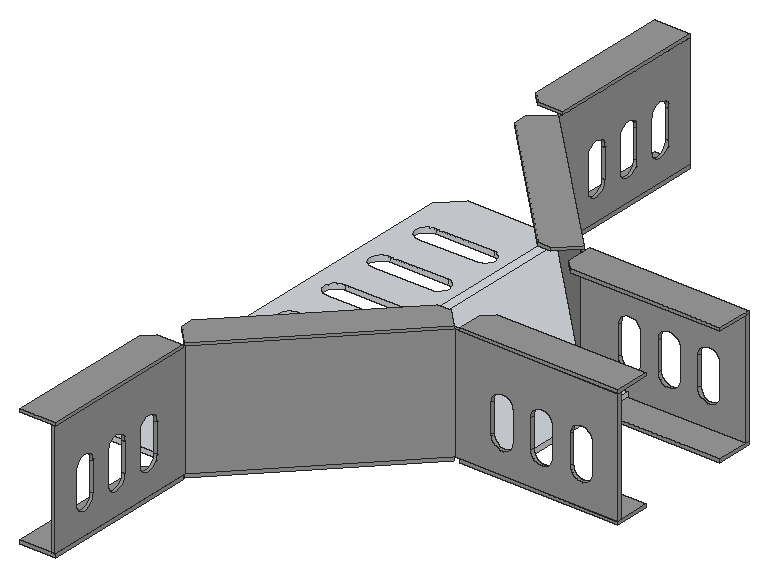
Revit family "Anbauabzweigstück- RAA 305 FS", category Generic Models, Revit 2017
Family settings
  Can host rebar = No
  Round Connector Dimension = Use Diameter
  Part Type = Normal
  Work Plane-Based = No
  Always vertical = Yes
  Cut with Voids When Loaded = No
  Shared = No
  Room Calculation Point = No
Parameters (values of type "RAA 305 FT")
  URL = "http://www.obo-bettermann.com"
  Material = Hot-dip galvanised
  Manufacturer Art.No. = "7120458"
  Manufacturer = "OBO BETTERMANN"
  GTIN = "4012196688654"
  Cut's number 2 = 3
  Cut's number = 4
  Article Type = "RAA 305 FT"
Types (3, lengths in mm): name | Material | Manufacturer Art.No. | GTIN | Article Type
  (no name) | Hot-dip galvanised | "7120458" | "4012196688654" | "RAA 305 FT"
  RAA 305 FS | Strip galvanised | "7120450" | "4012196687664" | "RAA 305 FS"
  RAA 305 FT | Hot-dip galvanised | "7120458" | "4012196688654" | "RAA 305 FT"
Reference planes
  plane 1 "Center (Front/Back)": y = 0
  plane 2: z = 0
  plane 3 "Center (Left/Right)": x = 0
  plane 4: x = 95
  plane 5: x = 35
  plane 6: z = 2
  plane 7: y = 146
  plane 8: y = 73
  plane 9: x = 81
  plane 10: x = 6
  plane 11: y = 140
  plane 12: y = 6
  plane 13: x = 6
  plane 14: x = 17.5
  plane 15: y = 73.018
  plane 16: y = 197.518
  plane 17: y = -51.482
  plane 18: x = 132.124
  plane 19: z = 36
  plane 20: z = -1
  plane 21: through (28.792, 140.342, 1200) normal (0.7071, 0.7071, 0)
  plane 22: through (28.727, 136.035, 1200) normal (0.7071, -0.7071, 0)
  plane 23: through (72.172, 94.636, 1200) normal (0.7071, -0.7071, 0)
  plane 24: through (74.642, 92.863, 1200) normal (0.7071, 0.7071, 0)
  plane 25: x = 82.284
  plane 26: x = 132.124
  plane 27: y = 90.477
  plane 28: x = 85.284
  plane 29: y = -51.482
  plane 30: y = -1.642
  plane 31: x = 85.284
  plane 32: y = 55.46
  plane 33: through (75.501, 53.532, 1200) normal (0.7071, -0.7071, 0)
  plane 34: through (70.195, 53.515, 1200) normal (0.7071, 0.7071, 0)
  plane 35: through (28.337, 9.889, 1200) normal (0.7071, 0.7071, 0)
  plane 36: through (29.547, 5.938, 1200) normal (0.7071, -0.7071, 0)
  plane 37: y = -1.642
  plane 38: x = 26.469
  plane 39: y = -4.642
  plane 40: z = 15
  plane 41: y = 186.018
  plane 42: z = 15
  plane 43: y = 173.504
  plane 44: z = 15
  plane 45: y = 160.99
  plane 46: z = 15
  plane 47: y = -39.982
  plane 48: x = 120.624
  plane 49: x = 108.164
  plane 50: x = 95.704
  plane 51: x = 120.624
  plane 52: x = 108.164
  plane 53: x = 95.704
Forms (mm)
  Extrusion 1, solid
    sketch origin (0, 0, 0) x (1, 0, 0) y (0, 0, 1)
      loop
        line (95, 0) -> (95, 1.5) -> (35.134, 1.5) -> (33.402, 2.5) -> (0, 2.5) -> (0, 1) -> (33, 1) -> (34.732, 0) -> (95, 0)
    from 0 to -146
  Extrusion 2, void
    sketch origin (-0.673, 0, 0) x (1, 0, 0) y (0, 1, 0)
      loop
        line (95.673, 97.518) -> (95.673, 146) -> (34.182, 146) -> (81, 97.518) -> (95.673, 97.518)
      loop
        line (95.673, 48.472) -> (81, 48.472) -> (34.191, 0) -> (95.673, 0) -> (95.673, 48.472)
    from 0 to 2.5
  Extrusion 3, void
    sketch origin (0, 0, 0) x (1, 0, 0) y (0, 1, 0)
      loop
        line (6, 146) -> (0, 146) -> (0, 140) -> (6, 146)
    from 1 to 2.5
  Extrusion 4, void
    sketch origin (0, 0, 0) x (1, 0, 0) y (0, 1, 0)
      loop
        line (0, 6) -> (0, 0) -> (6, 0) -> (0, 6)
    from 1 to 2.5
  Extrusion 5, void
    sketch origin (0, 0, 0) x (1, 0, 0) y (0, 1, 0)
      loop
        arc (8.5, 76.518) -> (5, 73.018) -> (8.5, 69.518) r 3.5
        line (8.5, 69.518) -> (26.5, 69.518)
        arc (26.5, 69.518) -> (30, 73.018) -> (26.5, 76.518) r 3.5
        line (26.5, 76.518) -> (8.5, 76.518)
    from 1 to 2.5
  Extrusion 6, void
    sketch origin (0, 17.985, 0) x (1, 0, 0) y (0, 1, 0)
      loop
        arc (8.5, 76.518) -> (5, 73.018) -> (8.5, 69.518) r 3.5
        line (8.5, 69.518) -> (26.5, 69.518)
        arc (26.5, 69.518) -> (30, 73.018) -> (26.5, 76.518) r 3.5
        line (26.5, 76.518) -> (8.5, 76.518)
    from 1 to 2.5
  Extrusion 7, void
    sketch origin (0, 35.97, 0) x (1, 0, 0) y (0, 1, 0)
      loop
        arc (8.5, 76.518) -> (5, 73.018) -> (8.5, 69.518) r 3.5
        line (8.5, 69.518) -> (26.5, 69.518)
        arc (26.5, 69.518) -> (30, 73.018) -> (26.5, 76.518) r 3.5
        line (26.5, 76.518) -> (8.5, 76.518)
    from 1 to 2.5
  Extrusion 8, void
    sketch origin (0, 53.955, 0) x (1, 0, 0) y (0, 1, 0)
      loop
        arc (8.5, 76.518) -> (5, 73.018) -> (8.5, 69.518) r 3.5
        line (8.5, 69.518) -> (26.5, 69.518)
        arc (26.5, 69.518) -> (30, 73.018) -> (26.5, 76.518) r 3.5
        line (26.5, 76.518) -> (8.5, 76.518)
    from 1 to 2.5
  Extrusion 9, void
    sketch origin (0, -18.034, 0) x (1, 0, 0) y (0, 1, 0)
      loop
        arc (8.5, 76.518) -> (5, 73.018) -> (8.5, 69.518) r 3.5
        line (8.5, 69.518) -> (26.5, 69.518)
        arc (26.5, 69.518) -> (30, 73.018) -> (26.5, 76.518) r 3.5
        line (26.5, 76.518) -> (8.5, 76.518)
    from 1 to 2.5
  Extrusion 10, void
    sketch origin (0, -36.068, 0) x (1, 0, 0) y (0, 1, 0)
      loop
        arc (8.5, 76.518) -> (5, 73.018) -> (8.5, 69.518) r 3.5
        line (8.5, 69.518) -> (26.5, 69.518)
        arc (26.5, 69.518) -> (30, 73.018) -> (26.5, 76.518) r 3.5
        line (26.5, 76.518) -> (8.5, 76.518)
    from 1 to 2.5
  Extrusion 11, void
    sketch origin (0, -54.103, 0) x (1, 0, 0) y (0, 1, 0)
      loop
        arc (8.5, 76.518) -> (5, 73.018) -> (8.5, 69.518) r 3.5
        line (8.5, 69.518) -> (26.5, 69.518)
        arc (26.5, 69.518) -> (30, 73.018) -> (26.5, 76.518) r 3.5
        line (26.5, 76.518) -> (8.5, 76.518)
    from 1 to 2.5
  Extrusion 12, solid, material "Hot-dip galvanised" <- "Material"
    sketch origin (0, 0, 0) x (1, 0, 0) y (0, 1, 0)
      loop
        line (33.45, 146.02) -> (80.284, 97.521) -> (132.124, 97.521) -> (132.124, 98.521) -> (80.3, 98.521) -> (34.45, 146) -> (34.45, 197.518) -> (33.45, 197.518) -> (33.45, 146.02)
    from 0 to 36
  Extrusion 13, solid, material "Hot-dip galvanised" <- "Material"
    sketch origin (0, 0, 0) x (1, 0, 0) y (0, 1, 0)
      loop
        line (34.45, 197.518) -> (23.427, 197.518) -> (23.427, 150.818) -> (26.427, 147.818) -> (34.45, 147.818) -> (34.45, 197.518)
    from 36 to 36.943
  Extrusion 14, solid, material "Hot-dip galvanised" <- "Material"
    sketch origin (0, 0, 0) x (1, 0, 0) y (0, 1, 0)
      loop
        line (34.45, 197.518) -> (23.427, 197.518) -> (23.427, 150.818) -> (26.427, 147.818) -> (34.45, 147.818) -> (34.45, 197.518)
    from -1 to 0
  Extrusion 15, solid, material "Hot-dip galvanised" <- "Material"
    sketch origin (0, 0, 0) x (1, 0, 0) y (0, 1, 0)
      loop
        line (34.45, 146) -> (28.792, 140.342) -> (28.792, 136.024) -> (70.436, 92.9) -> (74.679, 92.9) -> (80.3, 98.521) -> (34.45, 146)
    from -1 to 0
  Extrusion 16, solid, material "Hot-dip galvanised" <- "Material"
    sketch origin (0, 0, 0) x (1, 0, 0) y (0, 1, 0)
      loop
        line (34.45, 146) -> (28.792, 140.342) -> (28.792, 136.024) -> (70.436, 92.9) -> (74.679, 92.9) -> (80.3, 98.521) -> (34.45, 146)
    from 36 to 36.943
  Extrusion 17, solid, material "Hot-dip galvanised" <- "Material"
    sketch origin (0, 0, 0) x (1, 0, 0) y (0, 1, 0)
      loop
        line (82.284, 98.521) -> (82.284, 90.477) -> (85.284, 87.477) -> (132.124, 87.477) -> (132.124, 98.521) -> (82.284, 98.521)
    from -1 to 0
  Extrusion 18, solid, material "Strip galvanised"
    sketch origin (0, 0, 0) x (1, 0, 0) y (0, 1, 0)
      loop
        line (82.284, 98.521) -> (82.284, 90.477) -> (85.284, 87.477) -> (132.124, 87.477) -> (132.124, 98.521) -> (82.284, 98.521)
    from 36 to 36.943
  Extrusion 19, solid, material "Hot-dip galvanised" <- "Material"
    sketch origin (0, 0, 0) x (1, 0, 0) y (0, 1, 0)
      loop
        line (33.454, -0.067) -> (33.454, -51.482) -> (34.454, -51.482) -> (34.454, -0.471) -> (80.752, 47.472) -> (132.124, 47.472) -> (132.124, 48.472) -> (80.327, 48.472) -> (33.454, -0.067)
    from 0 to 36
  Extrusion 20, solid, material "Hot-dip galvanised" <- "Material"
    sketch origin (0, 0, 0) x (1, 0, 0) y (0, 1, 0)
      loop
        line (132.124, 47.472) -> (132.124, 58.46) -> (85.284, 58.46) -> (82.284, 55.46) -> (82.284, 47.472) -> (132.124, 47.472)
    from -1 to 0
  Extrusion 21, solid, material "Hot-dip galvanised" <- "Material"
    sketch origin (0, 0, 0) x (1, 0, 0) y (0, 1, 0)
      loop
        line (132.124, 47.472) -> (132.124, 58.46) -> (85.284, 58.46) -> (82.284, 55.46) -> (82.284, 47.472) -> (132.124, 47.472)
    from 36 to 36.943
  Extrusion 22, solid, material "Hot-dip galvanised" <- "Material"
    sketch origin (0, 0, 0) x (1, 0, 0) y (0, 1, 0)
      loop
        line (80.618, 47.334) -> (74.997, 52.955) -> (70.755, 52.955) -> (28.759, 9.467) -> (28.759, 5.224) -> (34.454, -0.471) -> (80.618, 47.334)
    from -1 to 0
  Extrusion 23, solid, material "Hot-dip galvanised" <- "Material"
    sketch origin (0, 0, 0) x (1, 0, 0) y (0, 1, 0)
      loop
        line (80.655, 47.372) -> (75.007, 53.019) -> (70.817, 53.019) -> (28.732, 9.439) -> (28.732, 5.251) -> (34.454, -0.471) -> (80.655, 47.372)
    from 36 to 36.943
  Extrusion 24, solid, material "Hot-dip galvanised" <- "Material"
    sketch origin (0, 0, 0) x (1, 0, 0) y (0, 1, 0)
      loop
        line (34.498, -1.642) -> (26.469, -1.642) -> (23.469, -4.642) -> (23.469, -51.482) -> (34.498, -51.482) -> (34.498, -1.642)
    from -1 to 0
  Extrusion 25, solid, material "Hot-dip galvanised" <- "Material"
    sketch origin (0, 0, 0) x (1, 0, 0) y (0, 1, 0)
      loop
        line (34.498, -1.642) -> (26.469, -1.642) -> (23.469, -4.642) -> (23.469, -51.482) -> (34.498, -51.482) -> (34.498, -1.642)
    from 36 to 36.943
  Extrusion 26, void
    sketch origin (0, 0, 0) x (0, 1, 0) y (0, 0, 1)
      loop
        line (189.518, 10.5) -> (189.518, 19.5)
        arc (189.518, 19.5) -> (186.018, 23) -> (182.518, 19.5) r 3.5
        line (182.518, 19.5) -> (182.518, 10.5)
        arc (182.518, 10.5) -> (186.018, 7) -> (189.518, 10.5) r 3.5
    from 33.519 to 34.45
  Extrusion 27, void
    sketch origin (0, -12.514, 0) x (0, 1, 0) y (0, 0, 1)
      loop
        line (189.518, 10.5) -> (189.518, 19.5)
        arc (189.518, 19.5) -> (186.018, 23) -> (182.518, 19.5) r 3.5
        line (182.518, 19.5) -> (182.518, 10.5)
        arc (182.518, 10.5) -> (186.018, 7) -> (189.518, 10.5) r 3.5
    from 33.519 to 34.45
  Extrusion 28, void
    sketch origin (0, -25.028, 0) x (0, 1, 0) y (0, 0, 1)
      loop
        line (189.518, 10.5) -> (189.518, 19.5)
        arc (189.518, 19.5) -> (186.018, 23) -> (182.518, 19.5) r 3.5
        line (182.518, 19.5) -> (182.518, 10.5)
        arc (182.518, 10.5) -> (186.018, 7) -> (189.518, 10.5) r 3.5
    from 33.519 to 34.45
  Extrusion 29, void
    sketch origin (0, 0, 0) x (0, 1, 0) y (0, 0, 1)
      loop
        line (-36.482, 10.5) -> (-36.482, 19.5)
        arc (-36.482, 19.5) -> (-39.982, 23) -> (-43.482, 19.5) r 3.5
        line (-43.482, 19.5) -> (-43.482, 10.5)
        arc (-43.482, 10.5) -> (-39.982, 7) -> (-36.482, 10.5) r 3.5
    from 33.519 to 34.45
  Extrusion 30, void
    sketch origin (0, 12.531, 0) x (0, 1, 0) y (0, 0, 1)
      loop
        line (-36.482, 10.5) -> (-36.482, 19.5)
        arc (-36.482, 19.5) -> (-39.982, 23) -> (-43.482, 19.5) r 3.5
        line (-43.482, 19.5) -> (-43.482, 10.5)
        arc (-43.482, 10.5) -> (-39.982, 7) -> (-36.482, 10.5) r 3.5
    from 33.519 to 34.45
  Extrusion 31, void
    sketch origin (0, 25.061, 0) x (0, 1, 0) y (0, 0, 1)
      loop
        line (-36.482, 10.5) -> (-36.482, 19.5)
        arc (-36.482, 19.5) -> (-39.982, 23) -> (-43.482, 19.5) r 3.5
        line (-43.482, 19.5) -> (-43.482, 10.5)
        arc (-43.482, 10.5) -> (-39.982, 7) -> (-36.482, 10.5) r 3.5
    from 33.519 to 34.45
  Extrusion 32, void
    sketch origin (0, 0, 0) x (1, 0, 0) y (0, 0, 1)
      loop
        line (124.124, 10.5) -> (124.124, 19.5)
        arc (124.124, 19.5) -> (120.624, 23) -> (117.124, 19.5) r 3.5
        line (117.124, 19.5) -> (117.124, 10.5)
        arc (117.124, 10.5) -> (120.624, 7) -> (124.124, 10.5) r 3.5
    from -97.518 to -98.521
  Extrusion 33, void
    sketch origin (-12.46, 0, 0) x (1, 0, 0) y (0, 0, 1)
      loop
        line (124.124, 10.5) -> (124.124, 19.5)
        arc (124.124, 19.5) -> (120.624, 23) -> (117.124, 19.5) r 3.5
        line (117.124, 19.5) -> (117.124, 10.5)
        arc (117.124, 10.5) -> (120.624, 7) -> (124.124, 10.5) r 3.5
    from -97.518 to -98.521
  Extrusion 34, void
    sketch origin (-24.92, 0, 0) x (1, 0, 0) y (0, 0, 1)
      loop
        line (124.124, 10.5) -> (124.124, 19.5)
        arc (124.124, 19.5) -> (120.624, 23) -> (117.124, 19.5) r 3.5
        line (117.124, 19.5) -> (117.124, 10.5)
        arc (117.124, 10.5) -> (120.624, 7) -> (124.124, 10.5) r 3.5
    from -97.518 to -98.521
  Extrusion 35, void
    sketch origin (0, 0, 0) x (1, 0, 0) y (0, 0, 1)
      loop
        line (124.124, 10.5) -> (124.124, 19.5)
        arc (124.124, 19.5) -> (120.624, 23) -> (117.124, 19.5) r 3.5
        line (117.124, 19.5) -> (117.124, 10.5)
        arc (117.124, 10.5) -> (120.624, 7) -> (124.124, 10.5) r 3.5
    from -47.472 to -48.472
  Extrusion 36, void
    sketch origin (-12.46, 0, 0) x (1, 0, 0) y (0, 0, 1)
      loop
        line (124.124, 10.5) -> (124.124, 19.5)
        arc (124.124, 19.5) -> (120.624, 23) -> (117.124, 19.5) r 3.5
        line (117.124, 19.5) -> (117.124, 10.5)
        arc (117.124, 10.5) -> (120.624, 7) -> (124.124, 10.5) r 3.5
    from -47.472 to -48.472
  Extrusion 37, void
    sketch origin (-24.92, 0, 0) x (1, 0, 0) y (0, 0, 1)
      loop
        line (124.124, 10.5) -> (124.124, 19.5)
        arc (124.124, 19.5) -> (120.624, 23) -> (117.124, 19.5) r 3.5
        line (117.124, 19.5) -> (117.124, 10.5)
        arc (117.124, 10.5) -> (120.624, 7) -> (124.124, 10.5) r 3.5
    from -47.472 to -48.472
Cuts and joins
  Extrusion 2, Extrusion 3, Extrusion 4, Extrusion 5, Extrusion 6, Extrusion 7, Extrusion 8, Extrusion 9, Extrusion 10, Extrusion 11 cuts Extrusion 1
  Extrusion 26, Extrusion 27, Extrusion 28, Extrusion 32, Extrusion 33, Extrusion 34, Extrusion 35 cuts Extrusion 12
  Extrusion 29, Extrusion 30, Extrusion 31, Extrusion 32, Extrusion 35, Extrusion 36, Extrusion 37 cuts Extrusion 19
Dimensions and locks
  locked: plane 4 to plane 3 "Center (Left/Right)" at 95
  locked: plane 4 to plane 5 at 60
  locked: plane 6 to level at 2
  locked: plane 5 to plane 3 "Center (Left/Right)" at 35
  locked: Extrusion 1 sketch curve to Extrusion 1 sketch curve at 1.5  (x3)
  locked: Extrusion 1 sketch curve to Extrusion 1 sketch curve at 95
  locked: plane 1 "Center (Front/Back)" to plane 7 at 146
  locked: plane 1 "Center (Front/Back)" to plane 8 at 73
  locked: plane 9 to Extrusion 1 at 14
  locked: cut or joined group 1 (Extrusion 1, Extrusion 2, Extrusion 3, Extrusion 4, Extrusion 5, Extrusion 6, Extrusion 7, Extrusion 8, Extrusion 9, Extrusion 10, Extrusion 11) to cut or joined group 1 at 95
  locked: cut or joined group 1 to plane 14 at 17.5
  plane 15 to cut or joined group 1 = 24.5 mm
  locked: Extrusion 5 sketch curve to Extrusion 5 sketch curve at 7
  locked: Extrusion 6 sketch curve to Extrusion 6 sketch curve at 7
  equal spacing: group 1, group 2, group 3, group 4  (x3)
  locked: Extrusion 7 sketch curve to Extrusion 7 sketch curve at 7
  locked: Extrusion 8 sketch curve to Extrusion 8 sketch curve at 7
  locked: Extrusion 9 sketch curve to Extrusion 9 sketch curve at 7
  equal spacing: group 1, group 5, group 6, group 7  (x2)
  equal spacing: group 7, group 6, group 5, group 1
  locked: Extrusion 10 sketch curve to Extrusion 10 sketch curve at 7
  locked: Extrusion 11 sketch curve to Extrusion 11 sketch curve at 7
  locked: plane 16 to plane 15 at 124.5
  locked: plane 15 to plane 17 at 124.5
  locked: Extrusion 12 sketch curve to plane 18 at 51.84
  locked: plane 16 to plane 7 at 51.518
  locked: Extrusion 12 sketch curve to Extrusion 12 sketch curve at 1  (x2)
  locked: cut or joined group 1 to Extrusion 12 sketch curve at 0.677
  locked: plane 19 to level at 36
  locked: Extrusion 13 to Extrusion 13 at 11.022
  locked: Extrusion 13 to Extrusion 13 at 49.7
  Extrusion 15 sketch curve to Extrusion 15 sketch curve = 65.994 mm
  locked: Extrusion 15 to Extrusion 12 at 11
  locked: Extrusion 15 to Extrusion 15 at 65.994
  plane 7 to Extrusion 16 = 53.1 mm
  locked: plane 25 to plane 26 at 49.84
  locked: Extrusion 12 to Extrusion 17 sketch curve at 11.044
  locked: Extrusion 17 sketch curve to Extrusion 17 sketch curve at 49.84
  locked: Extrusion 17 to Extrusion 12 at 11.044
  locked: Extrusion 17 to Extrusion 17 at 49.84
  Extrusion 13 to plane 29 = 249 mm
  locked: plane 30 to plane 29 at 49.84
  locked: Extrusion 19 sketch curve to Extrusion 19 sketch curve at 1  (x2)
  locked: cut or joined group 1 to Extrusion 19 sketch curve at 1
  locked: Extrusion 19 sketch curve to Extrusion 19 sketch curve at 51.415
  locked: Extrusion 19 sketch curve to Extrusion 19 sketch curve at 51.797
  locked: Extrusion 19 sketch curve to Extrusion 19 sketch curve at 66.648
  locked: Extrusion 19 to Extrusion 20 sketch curve at 10.989
  locked: Extrusion 20 sketch curve to Extrusion 20 sketch curve at 49.84
  locked: Extrusion 19 to Extrusion 20 at 10.989
  locked: Extrusion 20 to Extrusion 20 at 49.84
  locked: Extrusion 19 to Extrusion 22 sketch curve at 11
  locked: Extrusion 22 sketch curve to Extrusion 22 sketch curve at 66.446
  locked: Extrusion 19 to plane 37 at 49.84
  locked: Extrusion 24 sketch curve to Extrusion 19 at 10.985
  locked: Extrusion 24 sketch curve to Extrusion 24 sketch curve at 49.84
  locked: Extrusion 24 to Extrusion 19 at 10.985
  locked: Extrusion 24 to Extrusion 24 at 49.84
  locked: Extrusion 26 sketch curve to Extrusion 26 sketch curve at 7
  locked: plane 41 to Extrusion 26 sketch curve at 3.5
  locked: Extrusion 26 sketch curve to plane 40 at 8
  locked: plane 40 to Extrusion 26 sketch curve at 8
  locked: Extrusion 27 sketch curve to Extrusion 27 sketch curve at 7
  locked: plane 43 to Extrusion 27 sketch curve at 3.5
  locked: Extrusion 27 sketch curve to plane 42 at 8
  locked: plane 42 to Extrusion 27 sketch curve at 8
  equal spacing: group 8, group 9, group 10  (x2)
  equal spacing: group 10, group 9, group 8
  locked: Extrusion 28 sketch curve to Extrusion 28 sketch curve at 7
  locked: plane 45 to Extrusion 28 sketch curve at 3.5
  locked: Extrusion 28 sketch curve to plane 44 at 8
  locked: plane 44 to Extrusion 28 sketch curve at 8
  locked: cut or joined group 2 (Extrusion 12, Extrusion 26, Extrusion 27, Extrusion 28, Extrusion 32, Extrusion 33, Extrusion 34, Extrusion 35) to cut or joined group 2 at 5.514  (x2)
  locked: Extrusion 24 to plane 46 at 16
  locked: plane 47 to Extrusion 19 at 11.5
  locked: Extrusion 29 sketch curve to Extrusion 29 sketch curve at 7
  locked: Extrusion 30 sketch curve to Extrusion 30 sketch curve at 7
  equal spacing: group 11, group 12, group 13  (x3)
  locked: Extrusion 31 sketch curve to Extrusion 31 sketch curve at 7
  locked: cut or joined group 3 (Extrusion 19, Extrusion 29, Extrusion 30, Extrusion 31, Extrusion 32, Extrusion 35, Extrusion 36, Extrusion 37) to cut or joined group 3 at 5.531  (x2)
  cut or joined group 2 to plane 48 = 11.5 mm
  locked: Extrusion 32 sketch curve to Extrusion 32 sketch curve at 7
  locked: plane 48 to Extrusion 32 sketch curve at 3.5
  locked: Extrusion 33 sketch curve to Extrusion 33 sketch curve at 7
  locked: plane 49 to Extrusion 33 sketch curve at 3.5
  equal spacing: group 16, group 15, group 14
  equal spacing: group 14, group 15, group 16  (x2)
  locked: Extrusion 34 sketch curve to Extrusion 34 sketch curve at 7
  locked: plane 50 to Extrusion 34 sketch curve at 3.5
  locked: cut or joined group 2 to cut or joined group 2 at 5.46  (x2)
  locked: Extrusion 35 sketch curve to Extrusion 35 sketch curve at 7
  locked: plane 51 to Extrusion 35 sketch curve at 3.5
  cut or joined group 2 to cut or joined group 2 = 8 mm
  locked: Extrusion 36 sketch curve to Extrusion 36 sketch curve at 7
  locked: plane 52 to Extrusion 36 sketch curve at 3.5
  equal spacing: group 19, group 18, group 17
  equal spacing: group 17, group 18, group 19  (x2)
  locked: Extrusion 37 sketch curve to Extrusion 37 sketch curve at 7
  locked: plane 53 to Extrusion 37 sketch curve at 3.5
  aligned and locked: level to plane 2
  aligned and locked: plane 7 to Extrusion 1
  aligned and locked: plane 1 "Center (Front/Back)" to Extrusion 1
  aligned and locked: Extrusion 2 to level
  aligned and locked: Extrusion 2 sketch curve to plane 1 "Center (Front/Back)"
  aligned and locked: Extrusion 1 to plane 3 "Center (Left/Right)"
  aligned and locked: Extrusion 2 to Extrusion 1
  aligned and locked: Extrusion 1 to Extrusion 2
  aligned and locked: Extrusion 3 to Extrusion 1
  aligned and locked: Extrusion 4 to Extrusion 1
  aligned and locked: plane 16 to Extrusion 12 sketch curve
  aligned and locked: plane 19 to Extrusion 12
  aligned and locked: Extrusion 12 to level
  aligned and locked: Extrusion 13 to Extrusion 12
  aligned and locked: Extrusion 12 to Extrusion 14
  aligned and locked: Extrusion 15 sketch curve to Extrusion 12
  aligned and locked: Extrusion 14 to Extrusion 15  (x2)
  aligned and locked: Extrusion 15 to cut or joined group 1
  aligned and locked: Extrusion 14 to plane 20
  aligned and locked: Extrusion 16 to Extrusion 12
  aligned and locked: Extrusion 16 to Extrusion 13
  aligned and locked: plane 26 to Extrusion 12
  aligned and locked: plane 27 to Extrusion 17 sketch curve
  aligned and locked: Extrusion 17 to Extrusion 14
  aligned and locked: Extrusion 17 to cut or joined group 1
  aligned and locked: Extrusion 13 to Extrusion 18
  aligned and locked: Extrusion 19 sketch curve to plane 29
  aligned and locked: Extrusion 19 to level
  aligned and locked: Extrusion 12 to Extrusion 19
  aligned and locked: Extrusion 20 to Extrusion 15
  aligned and locked: Extrusion 20 to cut or joined group 1
  aligned and locked: Extrusion 21 to Extrusion 12
  aligned and locked: Extrusion 16 to Extrusion 21
  aligned and locked: Extrusion 22 to cut or joined group 1
  aligned and locked: Extrusion 13 to Extrusion 23
  aligned and locked: Extrusion 23 to Extrusion 12
  aligned and locked: Extrusion 16 to Extrusion 23
  aligned and locked: Extrusion 24 to Extrusion 14
  aligned and locked: cut or joined group 1 to Extrusion 24
  aligned and locked: Extrusion 25 sketch curve to Extrusion 24  (x4)
  aligned and locked: Extrusion 25 to Extrusion 12
  aligned and locked: Extrusion 25 to Extrusion 13
  aligned and locked: cut or joined group 1 to Extrusion 26
  aligned and locked: Extrusion 12 to Extrusion 26
  aligned and locked: Extrusion 29 to cut or joined group 1
  aligned and locked: Extrusion 29 to Extrusion 13
  aligned and locked: Extrusion 32 to cut or joined group 1
  aligned and locked: Extrusion 12 to Extrusion 32
  aligned and locked: Extrusion 35 to Extrusion 20
  aligned and locked: cut or joined group 1 to Extrusion 35
Automatic sketch dimensions
  Extrusion 1 sketch curve to plane 3 "Center (Left/Right)" = 0 mm
  Extrusion 1 sketch curve to level = 0 mm
  level to Extrusion 1 sketch curve = 1 mm
  Extrusion 1 sketch curve to plane 5 = 2 mm
  Extrusion 1 sketch curve to Extrusion 1 sketch curve = 0.402 mm
  Extrusion 2 sketch curve to plane 7 = 0 mm
  plane 14 to Extrusion 2 sketch curve = 16.009 mm
  plane 14 to Extrusion 2 sketch curve = 16.019 mm
  Extrusion 2 sketch curve to plane 9 = 0.673 mm  (x2)
  plane 9 to Extrusion 2 sketch curve = 14 mm  (x2)
  Extrusion 2 sketch curve to plane 8 = 24.528 mm
  plane 15 to Extrusion 2 sketch curve = 24.5 mm
  Extrusion 3 sketch curve to plane 3 "Center (Left/Right)" = 0 mm
  Extrusion 3 sketch curve to plane 7 = 0 mm
  Extrusion 3 sketch curve to plane 10 = 0 mm
  Extrusion 3 sketch curve to plane 11 = 0 mm
  Extrusion 4 sketch curve to plane 3 "Center (Left/Right)" = 0 mm
  plane 1 "Center (Front/Back)" to Extrusion 4 sketch curve = 0 mm
  Extrusion 4 sketch curve to plane 10 = 0 mm
  Extrusion 4 sketch curve to plane 12 = 0 mm
  Extrusion 12 sketch curve to plane 7 = 0 mm
  Extrusion 12 sketch curve to plane 18 = 0 mm
  Extrusion 12 sketch curve to Extrusion 12 sketch curve = 0.015 mm
  plane 7 to Extrusion 12 sketch curve = 0.02 mm
  plane 14 to Extrusion 13 sketch curve = 5.927 mm
  plane 7 to Extrusion 13 sketch curve = 1.818 mm
  Extrusion 13 sketch curve to Extrusion 13 sketch curve = 3 mm  (x2)
  Extrusion 13 sketch curve to Extrusion 13 sketch curve = 46.7 mm
  Extrusion 13 sketch curve to Extrusion 13 sketch curve = 8.022 mm
  plane 14 to Extrusion 14 sketch curve = 5.927 mm
  plane 7 to Extrusion 14 sketch curve = 1.818 mm
  Extrusion 14 sketch curve to Extrusion 14 sketch curve = 3 mm  (x2)
  Extrusion 14 sketch curve to Extrusion 14 sketch curve = 46.7 mm
  Extrusion 14 sketch curve to Extrusion 14 sketch curve = 8.022 mm
  Extrusion 15 sketch curve to plane 21 = 0 mm
  Extrusion 15 sketch curve to plane 7 = 0 mm
  plane 23 to Extrusion 15 sketch curve = 0 mm
  Extrusion 15 sketch curve to plane 11 = 3.976 mm
  Extrusion 15 sketch curve to Extrusion 15 sketch curve = 5.658 mm
  plane 15 to Extrusion 15 sketch curve = 25.503 mm
  plane 15 to Extrusion 15 sketch curve = 19.882 mm
  Extrusion 16 sketch curve to plane 7 = 0 mm
  Extrusion 16 sketch curve to plane 11 = 3.976 mm
  plane 14 to Extrusion 16 sketch curve = 11.292 mm
  plane 15 to Extrusion 16 sketch curve = 19.882 mm
  plane 14 to Extrusion 16 sketch curve = 52.936 mm
  Extrusion 16 sketch curve to Extrusion 16 sketch curve = 4.243 mm
  plane 15 to Extrusion 16 sketch curve = 25.503 mm
  Extrusion 16 sketch curve to Extrusion 16 sketch curve = 5.621 mm
  plane 11 to Extrusion 16 sketch curve = 0.342 mm
  Extrusion 16 sketch curve to Extrusion 16 sketch curve = 5.658 mm
  Extrusion 17 sketch curve to plane 28 = 0 mm
  Extrusion 17 sketch curve to plane 26 = 0 mm
  plane 27 to Extrusion 17 sketch curve = 8.044 mm
  Extrusion 18 sketch curve to plane 25 = 0 mm
  Extrusion 18 sketch curve to plane 26 = 0 mm
  plane 25 to Extrusion 18 sketch curve = 3 mm
  plane 15 to Extrusion 18 sketch curve = 14.458 mm
  Extrusion 18 sketch curve to Extrusion 18 sketch curve = 11.044 mm
  Extrusion 18 sketch curve to Extrusion 18 sketch curve = 3 mm
  Extrusion 19 sketch curve to plane 26 = 0 mm
  Extrusion 19 sketch curve to Extrusion 19 sketch curve = 0.424 mm
  Extrusion 20 sketch curve to plane 31 = 0 mm
  Extrusion 20 sketch curve to plane 26 = 0 mm
  Extrusion 20 sketch curve to plane 32 = 0 mm
  Extrusion 20 sketch curve to Extrusion 20 sketch curve = 7.989 mm
  Extrusion 21 sketch curve to plane 25 = 0 mm
  Extrusion 21 sketch curve to plane 26 = 0 mm
  plane 25 to Extrusion 21 sketch curve = 3 mm
  Extrusion 21 sketch curve to plane 15 = 17.558 mm
  Extrusion 21 sketch curve to plane 15 = 14.558 mm
  Extrusion 21 sketch curve to Extrusion 21 sketch curve = 10.989 mm
  Extrusion 22 sketch curve to plane 35 = 0 mm
  Extrusion 22 sketch curve to plane 34 = 0 mm
  plane 1 "Center (Front/Back)" to Extrusion 22 sketch curve = 0.471 mm
  Extrusion 22 sketch curve to Extrusion 22 sketch curve = 4.243 mm
  Extrusion 22 sketch curve to plane 25 = 1.666 mm
  Extrusion 22 sketch curve to plane 12 = 0.776 mm
  plane 12 to Extrusion 23 sketch curve = 3.439 mm
  plane 1 "Center (Front/Back)" to Extrusion 23 sketch curve = 0.471 mm
  Extrusion 23 sketch curve to Extrusion 23 sketch curve = 5.722 mm
  Extrusion 23 sketch curve to plane 25 = 11.467 mm
  Extrusion 23 sketch curve to plane 12 = 0.749 mm
  Extrusion 23 sketch curve to Extrusion 23 sketch curve = 4.19 mm
  Extrusion 23 sketch curve to plane 25 = 1.629 mm
  Extrusion 23 sketch curve to Extrusion 23 sketch curve = 5.648 mm
  plane 14 to Extrusion 23 sketch curve = 16.954 mm
  Extrusion 23 sketch curve to plane 15 = 25.647 mm
  Extrusion 24 sketch curve to plane 39 = 0 mm
  Extrusion 24 sketch curve to plane 37 = 0 mm
  Extrusion 24 sketch curve to plane 38 = 0 mm
  Extrusion 24 sketch curve to Extrusion 24 sketch curve = 8.028 mm
  Extrusion 25 sketch curve to plane 37 = 0 mm
  Extrusion 29 sketch curve to Extrusion 29 sketch curve = 9 mm
  Extrusion 30 sketch curve to Extrusion 30 sketch curve = 9 mm
  Extrusion 31 sketch curve to Extrusion 31 sketch curve = 9 mm
  Extrusion 32 sketch curve to Extrusion 32 sketch curve = 9 mm
  Extrusion 33 sketch curve to Extrusion 33 sketch curve = 9 mm
  Extrusion 34 sketch curve to Extrusion 34 sketch curve = 9 mm
  Extrusion 35 sketch curve to Extrusion 35 sketch curve = 9 mm
  Extrusion 36 sketch curve to Extrusion 36 sketch curve = 9 mm
  Extrusion 37 sketch curve to Extrusion 37 sketch curve = 9 mm
